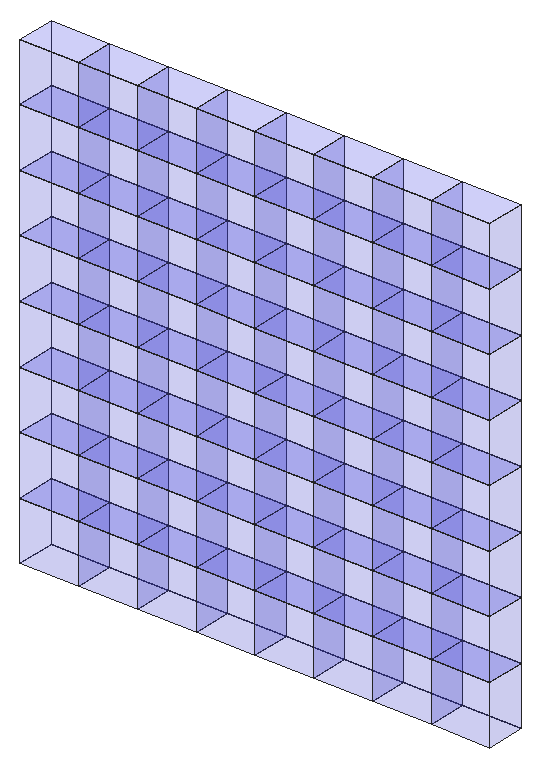
Revit family "window_glass_block", category Windows, host Wall, Revit 2015
Parameters
  row_glass_block = Height / 150 mm  # 8
  column_glass_block = Width / 150 mm  # 8
  depth_glass_block = 100 mm
  Website = "http://revit.sg"
  JOIN ME!- Revit.SG = "http://revit.sg/signup_form.html"
  Height = 1200 mm
  Default Sill Height = 800 mm
  Wall Closure = By host
  Width = 1200 mm
  Creator = "Gary Lim"  # constant formula
Reference planes
  plane 1 "Center (Front/Back)": y = 0
  plane 2 "Center (Left/Right)": x = 0
  plane 3 "Left": x = -600
  plane 4 "Right": x = 600
  plane 5 "Sill": z = 800
  plane 6 "Head": z = 2000
  plane 7 "Exterior": y = 100
  plane 8 "Interior": y = -100
Lines and regions (mm)
  Opening 1
    outline origin (3500, -100, 0) x (1, 0, 0) y (0, 0, 1)
      loop
        line (-2900, 800) -> (-2900, 2000) -> (-4100, 2000) -> (-4100, 800) -> (-2900, 800)
Text (mm)
  text "EXTERIOR" at (-1963.203, 1332.353, 0), in view "Ref. Level"
  text "INTERIOR" at (-1981.466, -818.386, 0), in view "Ref. Level"
  text "Exterior" at (0, 923.751, 2943.296), in view "Right"
  text "Exterior" at (0, 1040.484, 2685.409), in view "Left"
Dimensions and locks
  equal spacing: plane 3 "Left", plane 2 "Center (Left/Right)", plane 4 "Right"
  "Width": plane 3 "Left" to plane 4 "Right"
  "Height": plane 5 "Sill" to plane 6 "Head"
  "Default Sill Height": plane 5 "Sill" to level
  locked: plane 7 "Exterior" to host wall at 0
  locked: plane 8 "Interior" to host wall
  equal spacing: group 4, group 6, group 7, group 8, group 9, group 10, group 49, group 50  (x3)
  equal spacing: group 12, group 13, group 14, group 15, group 16, group 17, group 51, group 52  (x3)
  equal spacing: group 11, group 18, group 25, group 32, group 39, group 46, group 65, group 74  (x3)
  equal spacing: group 19, group 20, group 21, group 22, group 23, group 24, group 53, group 54  (x3)
  equal spacing: group 26, group 27, group 28, group 29, group 30, group 31, group 55, group 56  (x3)
  equal spacing: group 33, group 34, group 35, group 36, group 37, group 38, group 57, group 58  (x3)
  equal spacing: group 40, group 41, group 42, group 43, group 44, group 45, group 47, group 48  (x3)
  equal spacing: group 59, group 60, group 61, group 62, group 63, group 64, group 66, group 67  (x3)
  equal spacing: group 68, group 69, group 70, group 71, group 72, group 73, group 75, group 76  (x3)
  aligned and locked: plane 3 "Left" to nested 1  (x2)
  aligned and locked: plane 5 "Sill" to nested 1
  aligned and locked: nested 6 to plane 3 "Left"
  aligned and locked: nested 16 to nested 16
  aligned and locked: nested 1 to nested 6
  aligned and locked: nested 11 to nested 11
  aligned and locked: nested 1 to nested 11
  aligned and locked: nested 53 to nested 54
  aligned and locked: nested 61 to nested 62
Automatic sketch dimensions
  Opening 1 sketch curve to plane 3 "Left" = 0 mm
  Opening 1 sketch curve to plane 4 "Right" = 0 mm
  Opening 1 sketch curve to plane 5 "Sill" = 0 mm
  Opening 1 sketch curve to plane 6 "Head" = 0 mm
Nested families
  nested 1: "glass_block" at (-600, 0, 800), type "glass_block"
    with width 150 mm, height 150 mm
  nested 2: "glass_block" at (-450, 0, 800), type "glass_block", not visible
    with width 150 mm, height 150 mm
  nested 3: "glass_block" at (-450, 0, 800), type "glass_block", not visible
    with width 150 mm, height 150 mm
  nested 4: "glass_block" at (-450, 0, 800), type "glass_block", not visible
    with width 150 mm, height 150 mm
  nested 5: "glass_block" at (-450, 0, 1175), type "glass_block", not visible
    with width 150 mm, height 150 mm
  nested 6: "glass_block" at (-600, 0, 950), type "glass_block"
    with width 150 mm, height 150 mm
  nested 7: "glass_block" at (-600, 0, 1100), type "glass_block"
    with width 150 mm, height 150 mm
  nested 8: "glass_block" at (-600, 0, 1250), type "glass_block"
    with width 150 mm, height 150 mm
  nested 9: "glass_block" at (-600, 0, 1400), type "glass_block"
    with width 150 mm, height 150 mm
  nested 10: "glass_block" at (-600, 0, 1550), type "glass_block"
    with width 150 mm, height 150 mm
  nested 11: "glass_block" at (-450, 0, 800), type "glass_block"
    with width 150 mm, height 150 mm
  nested 12: "glass_block" at (-450, 0, 950), type "glass_block"
    with width 150 mm, height 150 mm
  nested 13: "glass_block" at (-450, 0, 1100), type "glass_block"
    with width 150 mm, height 150 mm
  nested 14: "glass_block" at (-450, 0, 1250), type "glass_block"
    with width 150 mm, height 150 mm
  nested 15: "glass_block" at (-450, 0, 1400), type "glass_block"
    with width 150 mm, height 150 mm
  nested 16: "glass_block" at (-450, 0, 1550), type "glass_block"
    with width 150 mm, height 150 mm
  nested 17: "glass_block" at (-300, 0, 800), type "glass_block"
    with width 150 mm, height 150 mm
  nested 18: "glass_block" at (-300, 0, 950), type "glass_block"
    with width 150 mm, height 150 mm
  nested 19: "glass_block" at (-300, 0, 1100), type "glass_block"
    with width 150 mm, height 150 mm
  nested 20: "glass_block" at (-300, 0, 1250), type "glass_block"
    with width 150 mm, height 150 mm
  nested 21: "glass_block" at (-300, 0, 1400), type "glass_block"
    with width 150 mm, height 150 mm
  nested 22: "glass_block" at (-300, 0, 1550), type "glass_block"
    with width 150 mm, height 150 mm
  nested 23: "glass_block" at (-150, 0, 800), type "glass_block"
    with width 150 mm, height 150 mm
  nested 24: "glass_block" at (-150, 0, 950), type "glass_block"
    with width 150 mm, height 150 mm
  nested 25: "glass_block" at (-150, 0, 1100), type "glass_block"
    with width 150 mm, height 150 mm
  nested 26: "glass_block" at (-150, 0, 1250), type "glass_block"
    with width 150 mm, height 150 mm
  nested 27: "glass_block" at (-150, 0, 1400), type "glass_block"
    with width 150 mm, height 150 mm
  nested 28: "glass_block" at (-150, 0, 1550), type "glass_block"
    with width 150 mm, height 150 mm
  nested 29: "glass_block" at (0, 0, 800), type "glass_block"
    with width 150 mm, height 150 mm
  nested 30: "glass_block" at (0, 0, 950), type "glass_block"
    with width 150 mm, height 150 mm
  nested 31: "glass_block" at (0, 0, 1100), type "glass_block"
    with width 150 mm, height 150 mm
  nested 32: "glass_block" at (0, 0, 1250), type "glass_block"
    with width 150 mm, height 150 mm
  nested 33: "glass_block" at (0, 0, 1400), type "glass_block"
    with width 150 mm, height 150 mm
  nested 34: "glass_block" at (0, 0, 1550), type "glass_block"
    with width 150 mm, height 150 mm
  nested 35: "glass_block" at (150, 0, 800), type "glass_block"
    with width 150 mm, height 150 mm
  nested 36: "glass_block" at (150, 0, 950), type "glass_block"
    with width 150 mm, height 150 mm
  nested 37: "glass_block" at (150, 0, 1100), type "glass_block"
    with width 150 mm, height 150 mm
  nested 38: "glass_block" at (150, 0, 1250), type "glass_block"
    with width 150 mm, height 150 mm
  nested 39: "glass_block" at (150, 0, 1400), type "glass_block"
    with width 150 mm, height 150 mm
  nested 40: "glass_block" at (150, 0, 1550), type "glass_block"
    with width 150 mm, height 150 mm
  nested 41: "glass_block" at (150, 0, 1700), type "glass_block"
    with width 150 mm, height 150 mm
  nested 42: "glass_block" at (150, 0, 1850), type "glass_block"
    with width 150 mm, height 150 mm
  nested 43: "glass_block" at (-600, 0, 1700), type "glass_block"
    with width 150 mm, height 150 mm
  nested 44: "glass_block" at (-600, 0, 1850), type "glass_block"
    with width 150 mm, height 150 mm
  nested 45: "glass_block" at (-450, 0, 1700), type "glass_block"
    with width 150 mm, height 150 mm
  nested 46: "glass_block" at (-450, 0, 1850), type "glass_block"
    with width 150 mm, height 150 mm
  nested 47: "glass_block" at (-300, 0, 1700), type "glass_block"
    with width 150 mm, height 150 mm
  nested 48: "glass_block" at (-300, 0, 1850), type "glass_block"
    with width 150 mm, height 150 mm
  nested 49: "glass_block" at (-150, 0, 1700), type "glass_block"
    with width 150 mm, height 150 mm
  nested 50: "glass_block" at (-150, 0, 1850), type "glass_block"
    with width 150 mm, height 150 mm
  nested 51: "glass_block" at (0, 0, 1700), type "glass_block"
    with width 150 mm, height 150 mm
  nested 52: "glass_block" at (0, 0, 1850), type "glass_block"
    with width 150 mm, height 150 mm
  nested 53: "glass_block" at (300, 0, 800), type "glass_block"
    with width 150 mm, height 150 mm
  nested 54: "glass_block" at (300, 0, 950), type "glass_block"
    with width 150 mm, height 150 mm
  nested 55: "glass_block" at (300, 0, 1100), type "glass_block"
    with width 150 mm, height 150 mm
  nested 56: "glass_block" at (300, 0, 1250), type "glass_block"
    with width 150 mm, height 150 mm
  nested 57: "glass_block" at (300, 0, 1400), type "glass_block"
    with width 150 mm, height 150 mm
  nested 58: "glass_block" at (300, 0, 1550), type "glass_block"
    with width 150 mm, height 150 mm
  nested 59: "glass_block" at (300, 0, 1700), type "glass_block"
    with width 150 mm, height 150 mm
  nested 60: "glass_block" at (300, 0, 1850), type "glass_block"
    with width 150 mm, height 150 mm
  nested 61: "glass_block" at (450, 0, 800), type "glass_block"
    with width 150 mm, height 150 mm
  nested 62: "glass_block" at (450, 0, 950), type "glass_block"
    with width 150 mm, height 150 mm
  nested 63: "glass_block" at (450, 0, 1100), type "glass_block"
    with width 150 mm, height 150 mm
  nested 64: "glass_block" at (450, 0, 1250), type "glass_block"
    with width 150 mm, height 150 mm
  nested 65: "glass_block" at (450, 0, 1400), type "glass_block"
    with width 150 mm, height 150 mm
  nested 66: "glass_block" at (450, 0, 1550), type "glass_block"
    with width 150 mm, height 150 mm
  nested 67: "glass_block" at (450, 0, 1700), type "glass_block"
    with width 150 mm, height 150 mm
  nested 68: "glass_block" at (450, 0, 1850), type "glass_block"
    with width 150 mm, height 150 mm
Definition of nested family "glass_block"
  Parameters (values of type "glass_block")
    width = 75 mm
    height = 75 mm
    depth = 100 mm
  Reference planes
    plane 1 "Center (Front/Back)": y = 0
    plane 2: z = 0
    plane 3 "Center (Left/Right)": x = 0
  Forms (mm)
    Extrusion 1, solid
      sketch origin (0, 0, 0) x (1, 0, 0) y (0, 0, 1)
        loop
          line (0, 75) -> (0, 0) -> (75, 0) -> (75, 75) -> (0, 75)
      from -50 to 50
  Dimensions and locks
    "height": Extrusion 1 to Extrusion 1
    "width": Extrusion 1 to Extrusion 1
    "depth": Extrusion 1 to Extrusion 1
    equal spacing: Extrusion 1, plane 1 "Center (Front/Back)", Extrusion 1
    aligned and locked: level to plane 2
  Automatic sketch dimensions
    Extrusion 1 sketch curve to level = 0 mm
    Extrusion 1 sketch curve to plane 3 "Center (Left/Right)" = 0 mm
    plane 3 "Center (Left/Right)" to Extrusion 1 sketch curve = 75 mm
    level to Extrusion 1 sketch curve = 75 mm
